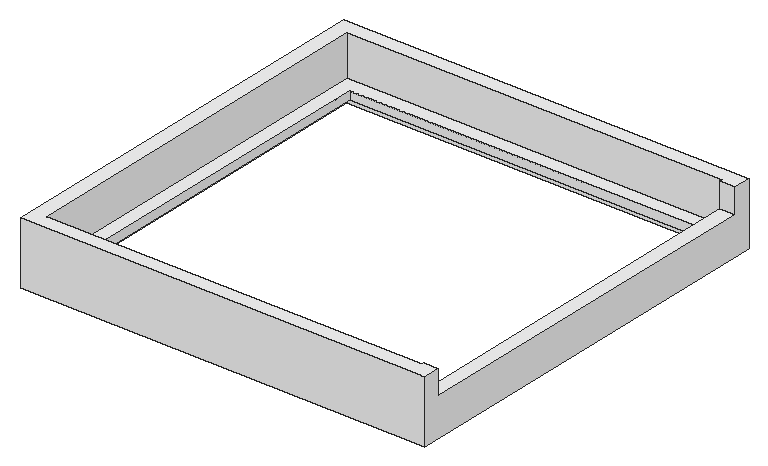
Revit family "Gira_028226", category Electrical Fixtures, host Face, Revit 2017
Family settings
  Host = Face
  Maintain Annotation Orientation = No
  Round Connector Dimension = Use Diameter
  Part Type = Normal
  Cut with Voids When Loaded = No
  Shared = No
  Room Calculation Point = No
Parameters (values of type "Adapter fr. square 50 x 50 mm System 55 c.alum.")
  URL = "http://katalog.gira.de/en/datenblatt.html?artikelnr=028226"
  Name = "Adapter fr. square 50 x 50 mm System 55 c.alum."
  Manufacturer URL = "https://www.gira.de/"
  Manufacturer = "Gira"
  Keynote = ""
  HeinzeBIM = "https://bimportal.heinze.de/bim/adapter-fr-square-50-x-50-mm-system-55-c-alum-/1cccd7fc51f653a589a4cc2fa6c5a635d28b09a5"
  HAN = "028226"
  GTIN = "4010337282266"
  Dimensions = "SQ50 / SQ50"
  Description = "Adap.fr.square 50x50mm Sys55 CAl,Adapter frame with square cut-out for devices with cover (50 x 50 mm),,colour aluminium,Features:,- Devices with a square central plate (50 x 50 mm) from other manufacturers, e. g. Alcatel, AMP Econo Link System, Brand-Rex, BTR, Cellpack ITT Cannon Cat. 5, Deutsche Telekom, Drahtex, Hirose, Kannegieter BICC Brand Rex, Kerpen ELine 600, Krone, Molex, Nedap, Panduit, Quante, Reichle de Massari, Rutenbeck, Schumann Netzwerktechnik, HomeWay, Siemens ICCS 100, 300 and 600, Telegärtner, Telenorma, TKM (4 x RJ45 shielded, Cat. 5) can be integrated into the design line with the adapter frame and cover frame (1-gang to 5-gang)."
  Default Elevation = 1219.2 mm
  Data sheet (1) = "https://katalog.gira.de/en/download.html?artikelnr=028226"
  Category = "Transition adapter for domestic switching devices"
  BIM (1) = "https://media.stage.bim.site/public/gira/36a6b08/Sys55_Adapterrahmen_50x50.rfa"
  Available = "No"
Reference planes
  plane 1 "Center (Front/Back)": y = 0
  plane 2: z = 0
  plane 3 "Center (Left/Right)": x = 0
  plane 4: y = 27.7
  plane 5: y = -27.7
  plane 6: x = 27.7
  plane 7: x = -27.7
  plane 8: y = -25.4
  plane 9: y = 25.4
Forms (mm)
  Extrusion 1, solid, material "White", detail levels fine
    sketch origin (0, 0, 0) x (1, 0, 0) y (0, 1, 0)
      loop
        line (-27.7, 27.7) -> (-27.7, -27.7) -> (27.7, -27.7) -> (27.7, 27.7) -> (-27.7, 27.7)
      loop
        line (-25.7, 25.7) -> (-25.7, -25.7) -> (25.7, -25.7) -> (25.7, 25.7) -> (-25.7, 25.7)
    from 0 to 8.6
  Extrusion 2, solid, material "White", detail levels fine
    sketch origin (0, 0, 0) x (1, 0, 0) y (0, 1, 0)
      loop
        line (-25.7, 25.7) -> (-25.7, -25.7) -> (25.7, -25.7) -> (25.7, 25.7) -> (-25.7, 25.7)
      loop
        line (-23.7, 23.7) -> (-23.7, -23.7) -> (23.7, -23.7) -> (23.7, 23.7) -> (-23.7, 23.7)
    from 1.9 to 3.1
  Extrusion 3, void, detail levels fine
    sketch origin (0, 0, 0) x (1, 0, 0) y (0, 1, 0)
      loop
        line (27.7, 25.4) -> (25.7, 25.4) -> (25.7, -25.4) -> (27.7, -25.4) -> (27.7, 25.4)
    from 5.2 to 10
  Extrusion 4, solid, material "White", detail levels coarse+medium
    sketch origin (0, 0, 0) x (1, 0, 0) y (0, 1, 0)
      loop
        line (-27.7, 27.7) -> (-27.7, -27.7) -> (27.7, -27.7) -> (27.7, 27.7) -> (-27.7, 27.7)
    from 0 to 8.6
Cuts and joins
  Extrusion 3 cuts Extrusion 1
  Extrusion 3 cuts Extrusion 2
Dimensions and locks
  aligned and locked: plane 2 to host face
  aligned and locked: level to host face
